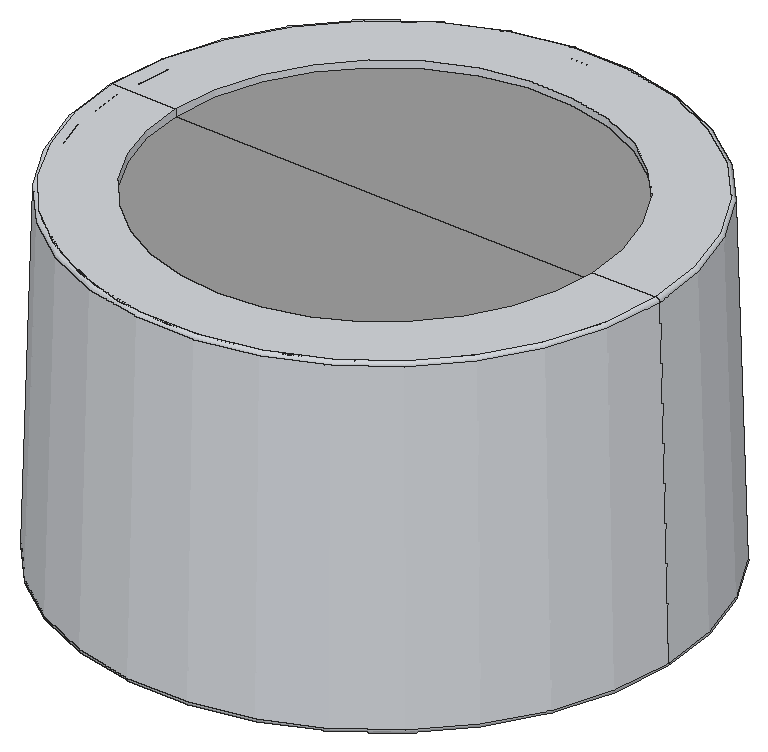
Revit family "0030445", category Lighting Fixtures, host Face, Revit 2017
Family settings
  Host = Face
  Round Connector Dimension = Use Diameter
  Part Type = Normal
  OmniClass Number = 23.80.70.00
  OmniClass Title = Lighting
  Cut with Voids When Loaded = No
  Light Source = Yes
  Shared = No
  Room Calculation Point = No
Parameters (values of type "0030445 ST DOWNLIGHT 165 1175LM 840 SURFACE")
  Weight = "7.02 kg"
  Wattage Comments = ""
  Wattage = 12 W
  WarrantyStartDate [instance] = "n/a"
  WarrantyGuarantorParts = "n/a"
  WarrantyDurationUnit = "n/a"
  WarrantyDurationParts = "n/a"
  WarrantyDescription = "n/a"
  built-in parameter 1150110 = 1 (stored number, unit not read)
  Voltage = 0 V
  URL = "http://www.sylvania-lighting.com"
  TypeName = "START Downlight 165 1175lm 840 Surface"
  Type Image = <None>
  Type Comments = "n/a"
  built-in parameter 1114217 = 1 (stored number, unit not read)
  Tilt Angle = -90.00°
  built-in parameter 1150109 = 1 (stored number, unit not read)
  built-in parameter 1150134 = 12
  TOP_RAD_SYL = if([0_S_SYL], 79 mm, 106.5 mm)  # 79 mm
  built-in parameter 1150113 = 1 (stored number, unit not read)
  SerialNumber [instance] = "n/a"
  Photometric Web File = "0030445.ies"
  PLATE_THICKNESS_SYL = 2 mm
  Material_3_SYL = none
  PowerFactor = 0.9
  PowerConsumption = "12 W"
  NominalLength = 165 mm
  NominalHeight = 95 mm
  NominalDepth = 165 mm
  Name = "START Downlight 165 1175lm 840 Surface"
  ModelReference = Name  # "START Downlight 165 1175lm 840 Surface"
  ModelNumber = "0030445"
  Model = Name  # "START Downlight 165 1175lm 840 Surface"
  Material = "aluminium housing, pc polycarbonate diffuser"
  ManufacturerName = "Feilo Sylvania"
  Manufacturer = "Feilo Sylvania"
  LuminousEfficacy = "98 lm/W"
  built-in parameter 1150105 = 654.45 (stored number, unit not read)
  Lumens = 1176 lm
  LuminaireType = ""
  built-in parameter 1150115 = 1 (stored number, unit not read)
  LightOutputRatio = "n/a"
  built-in parameter 1150137 = (empty or 0)
  built-in parameter 1150139 = (empty or 0)
  LampsType = Lamp  # "LED"
  LampNominalLuminous = "1175 lm"
  LampMacAdamStep = "5"
  LampColourTemperature = "4000 K"
  LampColourRenderingIndex = "80"
  built-in parameter 1150112 = 1 (stored number, unit not read)
  built-in parameter 1150114 = 1 (stored number, unit not read)
  Lamp = "LED"
  LUM_RAD_SYL = if([0_S_SYL], 40 mm, 53 mm)  # 40 mm
  LUM_H_SYL = if([0_S_SYL], 42 mm, 53.5 mm)  # 42 mm
  LUM_CHAMFER_SYL = 3.5 mm
  Keynote = "16500"
  InstallationDate [instance] = "n/a"
  InputVoltage = "n/a"
  InputNominalFrequency = "n/a"
  built-in parameter 1150132 = (empty or 0)
  built-in parameter 1150102 = (empty or 0)
  built-in parameter 1150107 = 4000 (stored number, unit not read)
  built-in parameter 1150138 = (empty or 0)
  IngressProtection = "IP20"
  ImpactProtectionIndex = "IK07"
  built-in parameter 1150106 = 6.5445 (stored number, unit not read)
  IfcExportType = "IfcLightFixtureType"
  IfcExportAs = "IfcLightFixtureType"
  HEIGHT_SYL = 94 mm
  Emit from Circle Diameter = 609.6 mm
  Emit Shape Visible in Rendering = no
  ElectricShockClassification = "Class II"
  built-in parameter 1150104 = 9.1045 (stored number, unit not read)
  DocumentationLiterature = "http://www.sylvania-lighting.com/product/en-int/products/0030445"
  DimmingControlOptions = "n/a"
  Material_2_SYL = none
  Dimming Lamp Color Temperature Shift = <None>
  Description = "Surface mounted LED downlight with diameter size of 165mm. Ideal replacement for 1x26W CFL downlights. The polycarbonate diffuser allows for a wider light distribution and increased spacings between luminiares. Loop in loop out connector allows for quick installation. Die-cast aluminium body, 1175LM, 12W, 98lm/W, 4000K, Driver Current: 290mA, CRI80, Non-dimmable LED driver, IP20, IK07, 50,000 hrs (L70), (HxW) 94x165mm, Class 2,  220-240V, energy class: A++, A+, A"
  Default Elevation = 1219.2 mm
  DIF_RAD_SYL = if([0_S_SYL], 60 mm, 87.5 mm)  # 60 mm
  CreatedOn = "12/12/2020"
  CreatedBy = "@sylvania-lighting.com"
  Cost = 0
  Color Filter = 16777215
  built-in parameter 1114216 [instance] = (empty or 0)
  ClassificationValue = "EF_70_80"
  ClassificationName = "Uniclass2015"
  Material_1_SYL = Default
  BarCode [instance] = "n/a"
  built-in parameter 1114218 = 1 (stored number, unit not read)
  BOTTOM_RAD_SYL = if([0_S_SYL], 81.8 mm, 110 mm)  # 81.8 mm
  BOTTOM_RAD2_SYL = BOTTOM_RAD_SYL - 2 mm  # 79.8 mm
  built-in parameter 1150133 = 10 (stored number, unit not read)
  AssetType = "Fixed"
  AssetIdentifier [instance] = "n/a"
  Assembly Code = "D5020200"
  Apparent Load = 12 VA
  Material_4_SYL = none
  0_S_SYL = yes
  0_M_SYL = no
Types (4, lengths in mm): name | Weight | Wattage | TypeName | built-in parameter 1150134 | TOP_RAD_SYL | Photometric Web File | PowerConsumption | NominalLength | NominalDepth | Name | ModelReference | ModelNumber | Model | LuminousEfficacy | built-in parameter 1150105 | Lumens | LampNominalLuminous | LampColourTemperature | LUM_RAD_SYL | LUM_H_SYL | built-in parameter 1150107 | built-in parameter 1150106 | built-in parameter 1150104 | DocumentationLiterature | Description | DIF_RAD_SYL | BOTTOM_RAD_SYL | BOTTOM_RAD2_SYL | Apparent Load | 0_S_SYL | 0_M_SYL
  0030447 ST DOWNLIGHT 220 2025LM 840 SURFACE | "6.416 kg" | 21 W | "START Downlight 220 2025lm 840 Surface" | 12 | 106.5 | "0030447.ies" | "21 W" | 220 | 220 | "START Downlight 220 2025lm 840 Surface" | "START Downlight 220 2025lm 840 Surface" | "0030447" | "START Downlight 220 2025lm 840 Surface" | "96 lm/W" | 1110.3 (stored number, unit not read) | 2016 lm | "2025 lm" | "4000 K" | 53 | 53.5 | 4000 (stored number, unit not read) | 11.103 (stored number, unit not read) | 8.9187 (stored number, unit not read) | "http://www.sylvania-lighting.com/product/en-int/products/0030447" | "Surface mounted LED downlight with diameter size of 220mm. Ideal replacement for 1x42W CFL downlights. The polycarbonate diffuser allows for a wider light distribution and increased spacings between luminiares. Loop in loop out connector allows for quick installation. Die-cast aluminium body, 2025LM, 21W, 101lm/W, 4000K, Driver Current: 600mA, CRI80, Non-dimmable LED driver, IP20, IK07, 50,000 hrs (L70), (HxW) 94x220mm, Class 2,  220-240V, energy class: A++, A+, A" | 87.5 | 110 | 108 | 21 VA | no | yes
  0030446 ST DOWNLIGHT 220 1950LM 830 SURFACE | "6.416 kg" | 21 W | "START Downlight 220 1950lm 830 Surface" | (empty or 0) | 106.5 | "0030446.ies" | "21 W" | 220 | 220 | "START Downlight 220 1950lm 830 Surface" | "START Downlight 220 1950lm 830 Surface" | "0030446" | "START Downlight 220 1950lm 830 Surface" | "93 lm/W" | 1089.6 (stored number, unit not read) | 1953 lm | "1950 lm" | "3000 K" | 53 | 53.5 | 3000 (stored number, unit not read) | 10.896 (stored number, unit not read) | 8.64 (stored number, unit not read) | "http://www.sylvania-lighting.com/product/en-int/products/0030446" | "Surface mounted LED downlight with diameter size of 220mm. Ideal replacement for 1x42W CFL downlights. The polycarbonate diffuser allows for a wider light distribution and increased spacings between luminiares. Loop in loop out connector allows for quick installation. Die-cast aluminium body, 1950LM, 21W, 98lm/W, 3000K, Driver Current: 600mA, CRI80, Non-dimmable LED driver, IP20, IK07, 50,000 hrs (L70), (HxW) 94x220mm, Class 2,  220-240V, energy class: A++, A+, A" | 87.5 | 110 | 108 | 21 VA | no | yes
  0030445 ST DOWNLIGHT 165 1175LM 840 SURFACE | "7.02 kg" | 12 W | "START Downlight 165 1175lm 840 Surface" | 12 | 79 | "0030445.ies" | "12 W" | 165 | 165 | "START Downlight 165 1175lm 840 Surface" | "START Downlight 165 1175lm 840 Surface" | "0030445" | "START Downlight 165 1175lm 840 Surface" | "98 lm/W" | 654.45 (stored number, unit not read) | 1176 lm | "1175 lm" | "4000 K" | 40 | 42 | 4000 (stored number, unit not read) | 6.5445 (stored number, unit not read) | 9.1045 (stored number, unit not read) | "http://www.sylvania-lighting.com/product/en-int/products/0030445" | "Surface mounted LED downlight with diameter size of 165mm. Ideal replacement for 1x26W CFL downlights. The polycarbonate diffuser allows for a wider light distribution and increased spacings between luminiares. Loop in loop out connector allows for quick installation. Die-cast aluminium body, 1175LM, 12W, 98lm/W, 4000K, Driver Current: 290mA, CRI80, Non-dimmable LED driver, IP20, IK07, 50,000 hrs (L70), (HxW) 94x165mm, Class 2,  220-240V, energy class: A++, A+, A" | 60 | 81.8 | 79.8 | 12 VA | yes | no
  0030444 ST DOWNLIGHT 165 1100LM 830 SURFACE | "7.02 kg" | 12 W | "START Downlight 165 1100lm 830 Surface" | (empty or 0) | 79 | "0030444.ies" | "12 W" | 165 | 165 | "START Downlight 165 1100lm 830 Surface" | "START Downlight 165 1100lm 830 Surface" | "0030444" | "START Downlight 165 1100lm 830 Surface" | "92 lm/W" | 614.16 (stored number, unit not read) | 1104 lm | "1100 lm" | "3000 K" | 40 | 42 | 3000 (stored number, unit not read) | 6.1416 (stored number, unit not read) | 8.5471 (stored number, unit not read) | "http://www.sylvania-lighting.com/product/en-int/products/0030444" | "Surface mounted LED downlight with diameter size of 165mm. Ideal replacement for 1x26W CFL downlights. The polycarbonate diffuser allows for a wider light distribution and increased spacings between luminiares. Loop in loop out connector allows for quick installation. Die-cast aluminium body, 1100LM, 12W, 92lm/W, 3000K, Driver Current: 290mA, CRI80, Non-dimmable LED driver, IP20, IK07, 50,000 hrs (L70), (HxW) 94x165mm, Class 2,  220-240V, energy class: A++, A+, A" | 60 | 81.8 | 79.8 | 12 VA | yes | no
Reference planes
  plane 1 "Center (Front/Back)": y = 0
  plane 2: z = 0
  plane 3 "Center (Left/Right)": x = 0
  plane 4: x = 79
  plane 5: x = -79
  plane 6: x = 81.8
  plane 7: x = -81.8
  plane 8: z = 2
  plane 9: z = -92
  plane 10: x = -60
  plane 11: x = 60
  plane 12: x = 79.8
  plane 13: x = -79.8
  plane 14: x = -40
  plane 15: x = 40
  plane 16: z = -3.5
  plane 17: z = -42
Forms (mm)
  Revolve 1, solid
    sketch origin (0, 0, 0) x (1, 0, 0) y (0, 0, 1)
      loop
        line (60, 2) -> (60, 0) -> (76.089, 0)
        arc (76.089, 0) -> (76.785, -0.282) -> (77.088, -0.97) r 1
        line (77.088, -0.97) -> (79.8, -92) -> (80.77, -92)
        arc (80.77, -92) -> (81.487, -91.697) -> (81.769, -90.97) r 1
        line (81.769, -90.97) -> (79.029, 1.03)
        arc (79.029, 1.03) -> (78.726, 1.718) -> (78.029, 2) r 1
        line (78.029, 2) -> (60, 2)
      axis (0, -92) -> (0, 2)
    angle from 360 to 0
  Revolve 2, solid, material "Default" <- "Material_1_SYL"
    sketch origin (0, 0, 0) x (1, 0, 0) y (0, 0, 1)
      loop
        line (-60, 0) -> (-60, -3.5)
        arc (-60, -3.5) -> (-54.702, -25.192) -> (-40, -42) r 47.056
        line (-40, -42) -> (0, -42) -> (0, 0) -> (-60, 0)
      axis (0, -42) -> (0, 0)
    angle from 360 to 0
Dimensions and locks
  "BOTTOM_RAD_SYL": plane 6 to plane 3 "Center (Left/Right)"
  "TOP_RAD_SYL": plane 4 to plane 3 "Center (Left/Right)"
  "DIF_RAD_SYL": plane 11 to plane 3 "Center (Left/Right)"
  "HEIGHT_SYL": plane 8 to plane 9
  "PLATE_THICKNESS_SYL": plane 8 to host face
  "BOTTOM_RAD2_SYL": plane 3 "Center (Left/Right)" to plane 12
  "LUM_RAD_SYL": plane 3 "Center (Left/Right)" to plane 14
  "LUM_CHAMFER_SYL": host face to plane 16
  "LUM_H_SYL": host face to plane 17
  "DIF_RAD_SYL": plane 3 "Center (Left/Right)" to plane 10
  aligned and locked: plane 2 to host face
  aligned and locked: level to host face
Automatic sketch dimensions
  host sketch curve to host sketch curve = 2438.4 mm  (x2)
  Revolve 1 sketch curve to plane 3 "Center (Left/Right)" = 0 mm
  Revolve 1 sketch curve to plane 8 = 0 mm
  Revolve 1 sketch curve to plane 11 = 0 mm
  Revolve 1 sketch curve to level = 0 mm
  Revolve 1 sketch curve to plane 9 = 0 mm
  plane 12 to Revolve 1 sketch curve = 0 mm
  Revolve 1 sketch curve to level = 1 mm
  Revolve 1 sketch curve to plane 4 = 2.911 mm
  Revolve 1 sketch curve to plane 4 = 0.971 mm
  plane 4 to Revolve 1 sketch curve = 0.029 mm
  Revolve 1 sketch curve to plane 6 = 0.031 mm
  Revolve 1 sketch curve to Revolve 1 sketch curve = 1 mm
  plane 9 to Revolve 1 sketch curve = 212.8 mm
  Revolve 1 sketch curve to plane 8 = 302.8 mm
  Revolve 2 sketch curve to plane 10 = 0 mm
  Revolve 2 sketch curve to plane 14 = 0 mm
  Revolve 2 sketch curve to plane 16 = 0 mm
  Revolve 2 sketch curve to plane 3 "Center (Left/Right)" = 0 mm  (x2)
  Revolve 2 sketch curve to plane 17 = 0 mm
  Revolve 2 sketch curve to level = 0 mm
  plane 9 to Revolve 2 sketch curve = 212.8 mm
  Revolve 2 sketch curve to plane 8 = 302.8 mm
